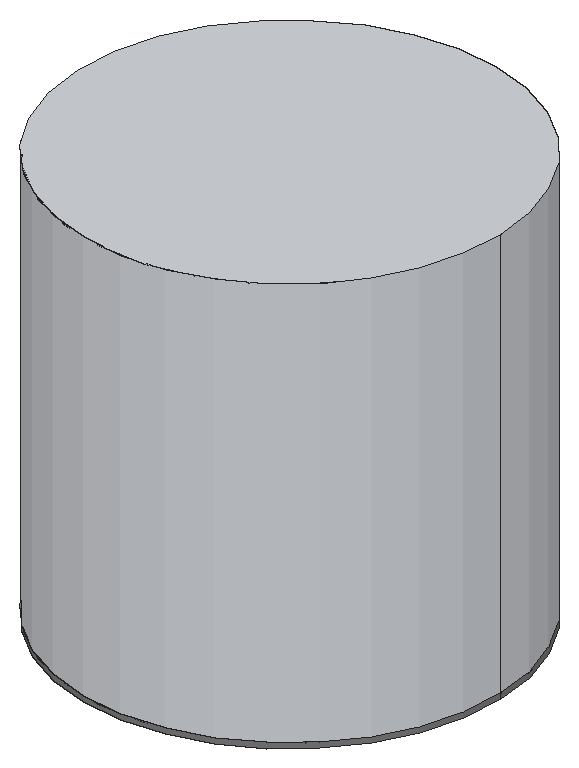
Revit family "Recessed Downlight Face Based", category Lighting Fixtures, Revit 2019 (continued)
Types (12, lengths in mm): name | Wattage | Type Comments | built-in parameter 1114217 | Photometric Web File | PRL_LTGSchedule_Output | PRL_LTGSchedule_Manufacturer | PRL_LTGSchedule_Lifetime | PRL_LTGSchedule_Installation | PRL_LTGSchedule_Description | PRL_LTGSchedule_Control | PRL_LTGSchedule_CatNo | PRL_LTGSchedule_CCT | PRL_LTGSchedule_Accessories | built-in parameter 1150142 | Manufacturer | Lumens | built-in parameter 1150105 | built-in parameter 1150106 | Description
  D12.2 ERCO Compact Lens 42W Gib | 14.1374 W | "D12.2" | 0.8 (stored number, unit not read) | "erco-31949-000-en-ies-01.ies" | "" | "" | "" | "" | "" | "" | "" | "" | "" | "﻿IESNA:LM-63-2002\r\n[TEST] 7824_0.ldt\r\n[TESTLAB] \r\n[TESTDATE] 17.03.2020\r\n[ISSUEDATE] 17.03.2020\r\n[MANUFAC] ERCO GmbH\r\n[LUMCAT] 31949000_V05\r\n[LUMINAIRE] Compact Lens wallwasher\r\n[LAMP] LED 24W neutral white\r\nTILT=NONE\r\n1 -1 1.000 37 73 1 2 -0.135 -0.135 0\n1.00 1 29.00\r\n0 2.5 5 7.5 10 12.5 15 17.5 20 22.5 25 27.5 30 32.5 35 37.5 40 42.5 45 47.5 50 52.5 55 57.5 60 62.5 65 67.5 70 72.5 75 77.5 80 82.5 85 87.5 90\r\n0 2.5 5 7.5 10 12.5 15 17.5 20 22.5 25 27.5 30 32.5 35 37.5 40 42.5 45 47.5 50 52.5 55 57.5 60 62.5 65 67.5 70 72.5 75 77.5 80 82.5 85 87.5 90 92.5 95 97.5 100 102.5 105 107.5 110 112.5 115 117.5 120 122.5 125 127.5 130 132.5 135 137.5 140 142.5 145 147.5 150 152.5 155 157.5 160 162.5 165 167.5 170 172.5 175 177.5 180\r\n794.0 1023.0 1248.8 1418.7 1561.6 1678.9 1766.2 1826.2 1860.4 1872.3 1865.2 1840.7 1787.4 1710.0 1607.8 1482.8 1344.0 1192.4 1031.0 878.9 748.7 644.6 564.7 503.8 458.4 423.5 395.3 375.8 346.7 327.2 324.6 318.5 302.1 265.7 200.4 57.2 0.1\r\n794.0 1022.9 1248.4 1418.1 1560.8 1678.5 1765.9 1825.9 1860.0 1871.5 1864.6 1840.2 1787.1 1709.2 1606.8 1481.7 1342.7 1190.0 1028.9 877.8 748.0 644.2 564.2 503.3 457.9 422.8 394.7 375.0 346.1 326.7 324.1 317.9 301.6 265.4 200.0 57.0 0.1\r\n794.0 1022.3 1247.5 1416.9 1559.6 1676.6 1764.7 1824.5 1858.6 1870.7 1862.8 1838.8 1786.7 1708.3 1604.4 1478.8 1338.0 1184.5 1024.2 875.0 746.4 643.2 563.2 502.1 456.5 421.1 393.0 372.9 344.4 324.9 322.4 316.4 300.2 264.2 198.8 56.8 0.1\r\n794.0 1021.2 1245.2 1414.7 1556.9 1673.9 1761.8 1821.8 1856.2 1868.3 1860.7 1837.3 1785.3 1706.1 1601.5 1473.9 1331.5 1176.5 1017.7 871.0 744.1 641.6 561.6 500.2 454.2 418.2 390.1 369.4 341.5 321.9 319.5 313.7 297.6 262.1 196.8 56.5 0.1\r\n794.0 1019.7 1242.8 1411.4 1553.5 1670.1 1757.9 1818.0 1853.4 1865.0 1858.2 1835.0 1782.6 1703.7 1597.7 1468.5 1324.6 1168.2 1010.0 866.5 741.6 639.7 559.6 497.6 451.1 414.3 386.1 364.6 337.3 317.5 315.2 309.7 293.9 258.8 193.6 55.6 0.1\r\n794.0 1018.0 1239.7 1407.6 1548.7 1665.4 1752.8 1813.8 1848.8 1861.2 1853.9 1830.9 1778.7 1700.1 1593.1 1462.4 1317.3 1160.2 1004.0 862.4 739.1 637.8 557.4 494.8 447.4 409.6 381.1 358.8 331.7 312.1 309.8 304.6 289.1 254.7 189.6 54.6 0.1\r\n794.0 1015.9 1236.3 1402.4 1542.9 1659.0 1746.7 1807.9 1843.2 1855.7 1848.4 1825.7 1774.1 1695.6 1587.6 1456.4 1310.7 1153.3 998.1 858.6 736.9 636.0 555.3 491.8 443.3 404.2 375.3 351.7 325.0 305.3 303.1 298.2 283.1 249.4 184.5 53.0 0.1\r\n794.0 1013.4 1231.1 1396.3 1536.0 1651.6 1739.2 1800.6 1836.3 1848.9 1841.8 1818.3 1767.2 1689.4 1581.7 1450.4 1303.8 1147.8 993.9 856.0 735.4 634.7 553.5 489.0 438.7 398.4 368.6 343.5 317.2 297.6 295.1 290.6 276.1 243.2 178.3 50.9 0.1\r\n794.0 1010.5 1225.6 1389.8 1527.7 1642.6 1730.3 1791.9 1827.5 1841.2 1833.2 1809.2 1759.9 1682.3 1575.6 1444.6 1299.3 1143.9 991.3 854.8 734.9 634.4 552.5 486.5 434.1 392.4 361.6 334.8 308.6 288.9 286.3 282.2 268.1 236.1 171.5 48.5 0.1\r\n794.0 1007.1 1219.1 1381.1 1518.5 1632.1 1720.0 1781.7 1818.2 1831.0 1823.3 1797.7 1750.1 1673.3 1568.1 1438.5 1294.9 1141.2 990.0 855.2 735.9 635.0 552.0 484.2 429.3 386.3 353.9 325.3 299.0 279.4 276.2 272.2 259.0 227.8 163.5 45.8 0.1\r\n794.0 1002.9 1211.7 1371.3 1506.7 1619.5 1707.3 1769.3 1806.4 1819.4 1812.2 1785.0 1738.6 1663.1 1559.8 1432.5 1291.6 1140.5 991.4 857.7 738.5 636.9 552.6 482.2 424.9 380.2 345.9 315.2 288.5 268.7 264.9 261.3 248.6 218.3 154.5 42.8 0.1\r\n794.0 998.3 1202.9 1361.2 1494.9 1606.3 1692.9 1755.9 1793.2 1806.7 1799.1 1771.3 1725.9 1652.0 1551.4 1426.5 1289.1 1141.2 995.8 862.6 743.1 640.4 554.1 481.0 421.2 374.6 337.8 305.1 277.7 257.5 252.9 249.2 237.3 207.7 144.6 39.4 0.1\r\n794.0 993.2 1193.5 1348.7 1481.1 1591.6 1677.0 1740.5 1778.7 1792.6 1785.1 1757.0 1711.7 1640.3 1542.7 1421.2 1287.8 1144.9 1002.5 870.2 750.1 645.6 556.7 480.5 418.3 369.2 329.5 294.5 266.1 245.2 239.6 235.7 224.4 195.5 133.9 36.0 0.1\r\n794.0 987.8 1183.4 1335.6 1465.6 1575.3 1660.4 1723.4 1762.0 1777.2 1770.0 1741.6 1695.9 1627.8 1534.1 1417.2 1288.7 1150.8 1011.4 880.4 759.1 652.5 560.5 481.2 416.4 364.4 321.4 284.0 254.1 232.2 225.2 221.1 210.3 182.0 122.1 32.4 0.1\r\n794.0 982.1 1172.0 1322.0 1449.7 1557.4 1642.0 1705.2 1744.7 1760.8 1754.3 1726.4 1680.5 1615.9 1526.2 1414.7 1291.5 1158.1 1022.3 892.4 769.5 660.3 565.0 483.0 415.7 360.4 313.7 273.9 242.2 219.1 210.4 205.7 195.5 167.7 110.3 28.8 0.1\r\n794.0 975.8 1161.2 1307.5 1432.9 1538.6 1622.7 1685.6 1726.3 1742.6 1737.8 1711.2 1664.9 1604.2 1519.4 1414.3 1295.6 1167.4 1035.4 906.3 782.0 669.6 571.3 486.6 416.2 357.3 306.6 263.9 230.0 205.2 195.0 189.3 179.2 152.2 97.9 25.4 0.1\r\n794.0 969.4 1149.4 1292.0 1414.7 1518.9 1601.5 1664.6 1705.9 1724.6 1720.0 1695.8 1650.7 1592.0 1512.4 1412.9 1300.0 1176.4 1047.4 920.4 795.0 680.1 579.0 491.5 418.0 355.1 300.2 254.5 218.2 191.3 178.9 172.3 162.5 136.3 84.9 22.0 0.1\r\n794.0 963.0 1136.7 1276.3 1396.5 1498.3 1579.7 1642.6 1684.6 1704.4 1702.8 1679.4 1637.5 1579.2 1505.1 1411.5 1304.4 1185.0 1059.2 933.2 807.7 691.3 587.9 497.7 421.3 354.2 295.0 245.9 207.0 177.9 163.3 155.4 145.4 120.2 73.5 18.8 0.1\r\n794.0 956.7 1124.1 1259.5 1376.7 1476.5 1556.7 1618.7 1661.5 1683.1 1683.7 1662.6 1623.2 1567.1 1497.3 1408.8 1306.9 1191.9 1069.0 945.0 820.0 703.1 597.6 505.4 425.6 354.1 290.7 238.0 196.1 164.5 147.7 140.5 128.0 102.9 62.4 15.9 0.1\r\n794.0 950.2 1111.3 1241.9 1356.6 1453.5 1532.0 1593.4 1636.8 1659.7 1661.9 1643.9 1608.2 1554.4 1486.3 1403.8 1306.4 1196.1 1075.9 954.5 831.1 714.2 608.0 513.5 430.3 354.7 287.3 230.9 185.9 151.8 132.4 121.8 109.8 87.7 52.0 13.2 0.1\r\n794.0 943.8 1097.7 1223.4 1334.3 1429.3 1505.5 1566.4 1610.2 1634.2 1639.4 1623.7 1590.3 1540.1 1473.1 1395.0 1302.8 1196.9 1080.6 961.2 840.0 724.1 617.6 521.6 435.3 355.5 284.3 224.6 176.4 139.6 118.2 106.1 94.2 73.7 42.8 10.8 0.1\r\n794.0 937.1 1084.1 1203.9 1311.5 1402.8 1477.0 1536.9 1580.0 1605.2 1613.2 1600.6 1569.9 1522.8 1458.5 1381.3 1294.1 1193.3 1081.7 965.1 846.5 732.1 626.1 528.9 439.5 356.1 281.6 218.7 167.5 128.2 104.5 90.8 79.3 60.5 34.5 8.7 0.1\r\n794.0 929.9 1069.0 1183.5 1285.8 1374.0 1445.3 1503.8 1547.4 1574.6 1583.3 1574.0 1547.1 1501.6 1440.4 1365.5 1281.9 1184.9 1077.7 965.9 849.6 737.3 632.4 534.7 442.9 355.8 278.3 213.0 159.3 117.6 91.2 77.5 65.9 48.9 27.8 6.9 0.1\r\n794.0 922.4 1052.6 1161.3 1258.7 1343.6 1413.1 1468.5 1512.0 1538.8 1550.5 1543.7 1518.6 1477.4 1419.1 1346.3 1263.0 1171.1 1069.1 961.7 848.9 738.5 635.4 537.7 443.6 353.7 274.4 207.2 150.5 107.1 80.2 66.0 54.2 39.0 21.8 5.4 0.1\r\n794.0 914.2 1035.5 1137.7 1230.1 1311.3 1377.7 1431.4 1472.1 1499.5 1512.7 1508.0 1486.7 1447.9 1393.3 1323.2 1242.5 1152.3 1054.6 952.0 844.1 736.5 635.2 537.5 442.1 350.5 269.4 200.8 143.7 97.9 70.2 55.7 44.2 30.9 16.8 4.2 0.1\r\n794.0 905.4 1017.5 1112.6 1199.2 1275.9 1338.0 1390.1 1430.2 1457.7 1470.8 1468.1 1450.0 1414.4 1361.7 1295.4 1218.4 1129.8 1034.4 937.3 833.6 730.8 631.4 534.4 438.0 345.1 263.1 193.9 135.9 89.5 61.0 46.6 35.7 24.1 12.8 3.2 0.1\r\n794.0 895.9 998.7 1086.2 1166.7 1237.7 1296.8 1346.5 1384.2 1411.2 1425.2 1424.0 1407.1 1374.9 1326.1 1263.1 1188.4 1104.2 1011.2 916.4 817.8 718.9 624.1 527.6 430.3 337.3 255.6 186.1 127.8 81.3 53.0 38.9 28.6 18.9 9.7 2.5 0.1\r\n794.0 885.9 978.9 1058.3 1132.6 1199.2 1254.7 1300.0 1336.2 1361.3 1375.0 1375.6 1361.7 1330.8 1286.3 1226.2 1155.9 1074.5 984.9 892.7 796.9 703.0 611.5 517.4 420.8 328.3 247.0 177.8 119.2 73.7 45.7 32.3 23.1 14.6 7.3 1.9 0.1\r\n794.0 875.4 958.1 1029.5 1096.7 1156.9 1208.2 1250.1 1283.5 1307.8 1320.9 1320.9 1309.1 1282.2 1238.1 1183.8 1115.5 1039.2 953.9 865.1 772.5 681.0 593.0 501.7 408.3 317.0 236.9 168.7 110.8 66.0 38.9 26.4 18.5 11.1 5.4 1.5 0.1\r\n794.0 864.8 937.6 1000.5 1059.1 1113.6 1159.2 1198.3 1228.4 1250.2 1262.8 1263.3 1250.9 1226.0 1187.1 1134.5 1070.9 999.1 918.1 833.5 745.0 656.8 571.0 482.3 391.4 304.1 226.2 159.0 102.4 58.7 32.8 21.9 14.4 8.3 4.0 1.2 0.2\r\n794.0 854.2 917.1 971.2 1022.2 1069.3 1110.3 1143.4 1169.8 1189.6 1200.8 1201.0 1189.6 1166.0 1129.9 1080.8 1021.5 954.1 878.0 798.3 713.8 629.9 547.2 460.1 371.9 288.4 214.3 149.6 94.0 51.9 27.7 17.4 11.1 6.2 3.0 1.0 0.2\r\n794.0 843.6 895.2 940.7 983.9 1022.8 1057.1 1084.9 1106.1 1122.5 1132.1 1130.9 1119.1 1097.0 1064.5 1019.1 965.5 902.5 830.8 756.7 678.0 599.0 519.5 436.1 350.9 270.4 199.7 138.3 85.8 45.3 22.7 13.5 8.3 4.5 2.2 0.8 0.2\r\n794.0 832.9 874.1 910.0 943.0 974.7 1001.1 1022.7 1039.6 1052.4 1060.0 1055.9 1044.9 1023.8 993.5 951.9 902.1 845.3 779.8 710.9 637.4 563.9 489.4 409.8 328.9 253.0 185.1 126.4 76.7 39.2 18.1 10.0 6.0 3.3 1.7 0.8 0.3\r\n794.0 822.4 852.8 879.2 903.6 926.3 944.8 959.7 970.4 978.9 980.9 975.7 964.3 944.5 916.1 878.4 833.8 781.4 722.1 660.0 592.9 525.5 455.5 381.7 305.8 234.4 171.0 115.3 68.3 33.2 14.0 7.1 4.0 2.2 1.3 0.7 0.3\r\n794.0 811.5 830.7 846.9 862.1 875.4 884.9 892.3 897.1 898.9 895.6 887.1 874.9 855.0 827.5 794.3 754.3 708.6 654.0 599.9 541.2 479.7 416.1 348.8 279.8 214.4 155.4 103.8 60.3 27.8 10.3 4.6 2.5 1.3 0.9 0.6 0.4\r\n794.0 800.9 808.3 814.9 819.7 824.0 824.4 823.3 820.3 816.1 806.6 794.6 779.8 758.3 731.6 701.2 665.1 625.1 578.0 530.7 479.5 426.7 370.9 311.8 250.1 191.8 138.6 91.7 52.5 23.3 7.6 3.0 1.6 0.9 0.7 0.6 0.4\r\n794.0 790.8 786.9 783.6 778.7 772.9 764.5 754.5 743.8 731.9 715.9 697.8 679.0 657.2 629.7 600.7 567.4 532.4 491.9 451.7 409.0 364.8 317.4 268.0 214.7 164.3 118.9 77.2 43.8 18.6 5.5 2.1 1.2 0.8 0.6 0.6 0.4\r\n794.0 780.3 765.2 751.8 737.0 721.2 703.2 685.8 666.0 647.6 623.7 600.7 579.0 552.4 523.3 494.3 463.9 432.3 396.3 362.9 327.2 290.7 252.5 211.8 169.4 128.0 89.2 58.0 31.9 13.2 3.4 1.6 1.0 0.7 0.7 0.6 0.5\r\n794.0 769.9 743.8 720.7 695.7 670.5 644.2 635.7 590.8 564.9 535.7 507.4 480.6 451.7 421.6 392.6 361.9 332.4 301.7 272.6 243.5 213.3 182.2 149.7 113.6 84.3 57.3 35.3 19.5 7.3 2.2 1.2 0.9 0.7 0.7 0.6 0.5\r\n794.0 760.0 723.6 690.7 656.5 622.5 587.9 554.0 519.2 487.1 454.3 421.3 390.6 360.0 329.0 299.7 272.2 245.3 218.0 192.8 167.0 142.8 117.8 90.5 68.5 48.0 30.7 18.8 9.7 3.8 1.6 1.0 0.8 0.7 0.7 0.6 0.6\r\n794.0 750.2 703.1 660.9 618.3 575.1 532.9 491.6 452.0 414.9 376.8 341.2 310.1 277.7 247.7 219.9 195.1 170.2 147.3 125.3 103.8 84.7 65.8 49.7 36.3 24.7 15.0 8.4 4.5 2.2 1.3 0.9 0.8 0.7 0.7 0.7 0.6\r\n794.0 741.1 683.5 632.2 580.5 529.5 480.6 433.7 388.6 347.8 308.2 271.7 239.7 210.1 180.5 156.8 134.2 112.1 91.6 76.1 63.3 49.9 36.9 27.4 20.9 13.7 7.7 4.2 2.6 1.6 1.1 0.9 0.8 0.8 0.7 0.7 0.7\r\n794.0 732.4 664.9 605.1 545.5 486.8 432.2 380.7 332.3 289.6 249.4 213.9 183.7 155.5 130.1 109.5 90.5 74.8 60.1 49.4 40.2 31.3 23.9 17.6 12.4 7.8 4.5 2.9 1.9 1.3 1.0 0.9 0.8 0.8 0.8 0.7 0.7\r\n794.0 724.0 646.4 577.7 510.3 445.5 385.6 330.3 280.8 237.5 198.2 165.1 137.3 112.3 90.8 75.4 63.2 51.7 41.5 35.8 27.6 21.8 16.2 11.5 7.9 5.2 3.4 2.3 1.6 1.2 1.0 0.9 0.8 0.8 0.8 0.8 0.8\r\n794.0 715.8 628.5 551.6 476.5 406.5 342.4 285.3 235.7 194.1 156.9 127.2 103.7 84.2 67.6 56.0 47.0 38.7 31.3 26.0 21.3 16.3 11.6 8.1 5.8 4.0 2.7 1.9 1.4 1.1 1.0 0.9 0.8 0.8 0.8 0.8 0.8\r\n794.0 707.9 610.8 526.5 444.8 369.6 303.4 245.6 197.4 158.4 125.2 99.5 81.1 65.8 53.3 44.4 37.4 31.0 25.6 21.0 16.7 12.6 9.0 6.5 4.7 3.3 2.2 1.6 1.2 1.1 1.0 0.9 0.8 0.8 0.8 0.9 0.8\r\n794.0 699.7 593.0 501.0 413.8 334.6 266.8 210.0 164.7 128.9 99.1 79.4 65.2 53.4 43.9 36.8 31.0 25.9 21.3 17.2 13.6 10.2 7.5 5.4 3.8 2.6 1.8 1.4 1.2 1.1 0.9 0.9 0.9 0.8 0.9 0.9 0.9\r\n794.0 691.1 574.8 476.0 383.5 302.2 234.1 179.7 137.9 105.7 81.8 65.8 54.8 45.4 37.6 31.7 26.7 22.5 18.1 14.4 11.2 8.5 6.2 4.4 3.1 2.1 1.5 1.3 1.2 1.0 0.9 0.9 0.9 0.9 0.9 0.9 0.9\r\n794.0 682.3 557.3 452.5 356.0 272.6 205.9 154.5 115.8 89.0 69.7 56.7 47.5 39.7 33.2 28.0 23.7 19.6 15.6 12.3 9.6 7.2 5.2 3.6 2.5 1.8 1.4 1.3 1.1 1.0 0.9 0.9 0.9 0.9 0.9 1.0 1.0\r\n794.0 673.4 540.0 429.2 329.3 245.4 181.0 133.2 99.2 76.7 60.7 49.9 42.2 35.4 29.7 25.2 21.0 17.1 13.4 10.6 8.1 6.0 4.3 3.0 2.1 1.6 1.4 1.2 1.1 1.0 0.9 0.9 0.9 0.9 0.9 1.0 1.0\r\n794.0 664.1 523.1 407.0 304.5 221.4 159.6 115.9 86.5 67.4 54.0 44.9 38.2 32.1 27.0 22.7 18.7 14.9 11.7 9.1 6.9 5.1 3.6 2.5 1.9 1.5 1.3 1.2 1.1 1.0 0.9 0.9 0.9 0.9 1.0 1.0 1.0\r\n794.0 655.4 507.3 386.6 282.2 200.5 142.1 102.4 76.8 60.6 49.1 41.1 35.0 29.5 24.8 20.6 16.7 13.2 10.3 7.9 5.9 4.3 3.0 2.1 1.7 1.5 1.3 1.2 1.1 1.0 1.0 0.9 1.0 1.0 1.0 1.0 1.1\r\n794.0 646.5 491.5 367.1 261.7 181.5 127.0 90.7 69.0 55.1 45.2 38.0 32.3 27.3 22.8 18.6 14.9 11.7 9.0 6.8 5.1 3.6 2.6 1.9 1.7 1.4 1.3 1.2 1.1 1.0 1.0 1.0 1.0 1.0 1.0 1.1 1.1\r\n794.0 638.4 476.6 348.6 243.1 165.1 114.3 81.9 63.1 50.9 42.0 35.4 30.1 25.3 20.8 16.8 13.3 10.4 7.9 5.9 4.4 3.1 2.3 1.9 1.6 1.4 1.2 1.1 1.1 1.0 1.0 1.0 1.0 1.0 1.1 1.1 1.1\r\n794.0 630.7 463.3 332.2 226.5 151.3 104.1 75.2 58.4 47.5 39.5 33.3 28.2 23.6 19.2 15.3 12.1 9.3 7.0 5.2 3.8 2.8 2.1 1.8 1.6 1.4 1.2 1.1 1.1 1.0 1.0 1.0 1.0 1.0 1.1 1.1 1.2\r\n794.0 623.7 450.3 316.5 211.2 139.0 94.6 69.5 54.6 44.7 37.3 31.5 26.6 22.0 17.6 13.9 10.9 8.3 6.2 4.6 3.4 2.5 2.0 1.8 1.5 1.3 1.2 1.1 1.1 1.0 1.0 1.0 1.0 1.1 1.1 1.2 1.2\r\n794.0 617.3 438.5 302.2 197.9 128.4 87.6 65.0 51.5 42.4 35.4 29.9 25.1 20.5 16.2 12.8 9.9 7.5 5.6 4.1 3.0 2.3 2.0 1.7 1.5 1.3 1.2 1.1 1.1 1.0 1.0 1.0 1.1 1.1 1.1 1.2 1.2\r\n794.0 611.6 427.8 289.4 186.1 119.7 82.0 61.3 48.9 40.4 33.8 28.5 23.8 19.1 15.0 11.8 9.1 6.8 5.0 3.7 2.8 2.2 1.9 1.7 1.5 1.3 1.2 1.1 1.1 1.0 1.0 1.1 1.1 1.1 1.2 1.2 1.3\r\n794.0 606.4 417.2 277.5 175.4 111.9 77.2 58.3 46.7 38.8 32.4 27.2 22.5 17.9 14.0 10.9 8.3 6.2 4.6 3.4 2.6 2.1 1.9 1.6 1.4 1.3 1.2 1.1 1.1 1.1 1.1 1.1 1.1 1.2 1.2 1.3 1.3\r\n794.0 601.4 407.9 266.5 165.9 104.8 73.1 55.7 44.9 37.3 31.2 26.0 21.2 16.8 13.1 10.1 7.6 5.7 4.2 3.1 2.4 2.1 1.8 1.6 1.4 1.3 1.2 1.1 1.1 1.1 1.1 1.1 1.1 1.2 1.2 1.3 1.3\r\n794.0 596.7 399.0 257.0 157.9 99.4 69.8 53.6 43.3 36.0 30.1 25.0 20.2 15.9 12.3 9.4 7.1 5.3 3.9 2.9 2.3 2.0 1.8 1.6 1.4 1.3 1.2 1.1 1.1 1.1 1.1 1.1 1.2 1.2 1.3 1.3 1.4\r\n794.0 592.3 391.2 248.1 150.5 94.6 67.0 51.8 42.0 34.9 29.1 24.0 19.2 15.0 11.6 8.8 6.6 4.9 3.6 2.7 2.3 2.0 1.7 1.5 1.4 1.2 1.2 1.1 1.1 1.1 1.1 1.1 1.2 1.2 1.3 1.4 1.4\r\n794.0 588.3 383.6 239.9 144.0 90.5 64.6 50.1 40.8 33.9 28.2 23.1 18.3 14.3 10.9 8.2 6.2 4.6 3.4 2.6 2.2 2.0 1.7 1.5 1.4 1.2 1.2 1.1 1.1 1.1 1.1 1.2 1.2 1.3 1.3 1.4 1.4\r\n794.0 584.5 376.7 232.8 138.6 87.3 62.6 48.8 39.8 33.1 27.4 22.3 17.6 13.6 10.4 7.8 5.8 4.3 3.2 2.5 2.2 1.9 1.7 1.5 1.3 1.2 1.2 1.1 1.1 1.1 1.2 1.2 1.3 1.3 1.4 1.4 1.4\r\n794.0 580.9 370.9 226.5 133.8 84.3 60.9 47.7 38.9 32.3 26.7 21.6 16.9 13.1 9.9 7.4 5.6 4.1 3.1 2.5 2.1 1.9 1.6 1.5 1.3 1.2 1.2 1.2 1.1 1.2 1.2 1.2 1.3 1.3 1.4 1.4 1.5\r\n794.0 577.6 365.4 220.9 129.8 81.9 59.4 46.7 38.1 31.7 26.2 20.9 16.3 12.6 9.5 7.1 5.3 3.9 3.0 2.4 2.1 1.9 1.6 1.4 1.3 1.2 1.2 1.1 1.1 1.2 1.2 1.2 1.3 1.3 1.4 1.5 1.5\r\n794.0 574.8 360.8 216.4 126.4 80.0 58.3 45.9 37.5 31.2 25.6 20.4 15.9 12.2 9.1 6.8 5.1 3.8 2.9 2.4 2.1 1.8 1.6 1.4 1.3 1.2 1.2 1.1 1.2 1.2 1.2 1.2 1.3 1.4 1.4 1.5 1.5\r\n794.0 572.3 356.8 212.4 123.6 78.4 57.4 45.3 37.0 30.7 25.1 19.9 15.5 11.8 8.9 6.6 5.0 3.7 2.8 2.4 2.1 1.8 1.6 1.4 1.3 1.2 1.2 1.2 1.2 1.2 1.2 1.3 1.3 1.4 1.4 1.5 1.5\r\n794.0 570.3 353.6 209.2 121.3 77.2 56.6 44.7 36.6 30.3 24.7 19.5 15.1 11.6 8.6 6.5 4.8 3.6 2.8 2.3 2.1 1.8 1.6 1.4 1.3 1.2 1.2 1.2 1.2 1.2 1.2 1.3 1.3 1.4 1.5 1.5 1.5\r\n794.0 568.8 351.3 206.8 119.6 76.2 56.1 44.3 36.3 30.1 24.4 19.3 14.9 11.4 8.5 6.3 4.7 3.5 2.7 2.3 2.0 1.8 1.6 1.4 1.3 1.2 1.2 1.2 1.2 1.2 1.2 1.3 1.4 1.4 1.5 1.5 1.6\r\n794.0 567.7 349.2 205.1 118.4 75.6 55.6 44.1 36.0 29.8 24.2 19.1 14.7 11.2 8.4 6.2 4.7 3.5 2.7 2.3 2.0 1.8 1.6 1.4 1.3 1.2 1.2 1.2 1.2 1.2 1.2 1.3 1.4 1.4 1.5 1.5 1.6\r\n794.0 566.9 348.2 204.1 117.8 75.1 55.4 43.9 35.9 29.7 24.1 18.9 14.6 11.1 8.3 6.2 4.6 3.5 2.7 2.3 2.0 1.8 1.6 1.4 1.3 1.2 1.2 1.2 1.2 1.2 1.3 1.3 1.4 1.4 1.5 1.5 1.6\r\n794.0 566.7 348.5 203.7 117.5 75.0 55.4 43.8 35.9 29.6 24.1 18.9 14.6 11.1 8.3 6.2 4.6 3.5 2.7 2.3 2.0 1.8 1.5 1.4 1.3 1.2 1.2 1.2 1.2 1.2 1.3 1.3 1.4 1.4 1.5 1.6 1.6\r\n" | "" | 
    2100 lm | 167.11 (stored number, unit not read) | 1.6711 (stored number, unit not read) | ""
  D12.1 ERCO Compact Lens Wallwasher 43W T-Rail | 8.65749 W | "D12.1" | 0.95 (stored number, unit not read) | "DOT9738C-30-A930.IES" | "" | "" | "" | "" | "" | "" | "" | "" | "" | "IESNA:LM-63-2002\r\n[TEST] Test report No. LL17053\r\n[TESTLAB] LightLab International \r\n[ISSUEDATE] Monday, 21 October 2013 1:37:49 PM\r\n[MANUFAC] Nimbus Lighting Group Ltd.,\r\n[MORE] Auckland. 1061. New Zealand.\r\n[LUMCAT] DOT9738C/30/A930.\r\n[LUMINAIRE] Nimbus Lighting LED Downlight. \r\n[MORE] Aluminium radially finned heat sink, 137 mm dia. x 80 mm deep, black finish.\r\n[MORE] White fascia with twist-lock ceiling plate, connected to heat sink by two black plastic arms.\r\n[MORE] One “CREE CXA” LED 92 mm above L/O of 120 mm. Wide-beam multi-faceted textured reflector.\r\n[MORE] One Remote Tridonic LCI 20W 350mA TEC SR LED driver 220-240 V 50/60 Hz.\r\n[MORE] Tested at 240 V / 50 Hz.\r\n[OTHER] Absolute test - lamp lumens value set to -1\r\n[MORE] NA conventions used for C0 plane alignment and C-plane rotation direction.\r\n[MORE] The sample was tested at a distance of 8m.\r\n[MORE] This IES file created by LightLab/LSA Report program version 3.803a.\r\nTILT=NONE\r\n1 -1 1 91 1 1 2 -0.12 -0.12 0\r\n1 1 13.583\r\n0 1 2 3 4 5 6 7 8 9 10 11 12 13 14 15 16 17 18 19 20 21 22 23 24 25 26 27 28 29 30 31 32 33 34 35 36 37 38 39 40 41 42 43 44 45 46 47 48 49 50 51 52 53 54 55 56 57 58 59 60 61 62 63 64 65 66 67 68 69 70 71 72 73 74 75 76 77 78 79 80 81 82 83 84 85 86 87 \r\n88 89 90\r\n0\r\n739.50 738.70 736.06 731.60 726.24 719.96 712.76 705.71 699.03 692.71 687.07 682.46 678.74 676.13 674.46 673.15 672.47 672.03 671.54 670.36 669.31 669.87 671.53 673.94 676.34 678.93 681.58 683.95 684.60 677.56 652.42 610.91 567.60 514.93 469.64 420.97 \r\n374.03 339.48 321.17 313.96 305.73 288.72 272.91 260.34 246.91 233.20 218.55 202.73 186.27 170.43 153.95 139.68 122.85 107.42 90.21 71.68 55.81 41.44 31.18 24.13 18.46 15.01 12.45 10.72 9.31 8.30 7.42 6.85 6.22 5.81 5.44 5.18 4.89 4.70 4.51 4.26 3.99 3.99\r\n 3.85 3.74 3.74 3.58 3.57 3.44 3.22 3.03 2.67 2.47 1.93 0.66 0.00\r\n" | "" | 1286 lm | 102.34 (stored number, unit not read) | 1.0234 (stored number, unit not read) | ""
  D9.3 ERCO Compact Downlight 16W Soffit | 8.65749 W | "D9.3" | 0.95 (stored number, unit not read) | "DOT9738C-30-A930.IES" | "" | "" | "" | "" | "" | "" | "" | "" | "" | "IESNA:LM-63-2002\r\n[TEST] Test report No. LL17053\r\n[TESTLAB] LightLab International \r\n[ISSUEDATE] Monday, 21 October 2013 1:37:49 PM\r\n[MANUFAC] Nimbus Lighting Group Ltd.,\r\n[MORE] Auckland. 1061. New Zealand.\r\n[LUMCAT] DOT9738C/30/A930.\r\n[LUMINAIRE] Nimbus Lighting LED Downlight. \r\n[MORE] Aluminium radially finned heat sink, 137 mm dia. x 80 mm deep, black finish.\r\n[MORE] White fascia with twist-lock ceiling plate, connected to heat sink by two black plastic arms.\r\n[MORE] One “CREE CXA” LED 92 mm above L/O of 120 mm. Wide-beam multi-faceted textured reflector.\r\n[MORE] One Remote Tridonic LCI 20W 350mA TEC SR LED driver 220-240 V 50/60 Hz.\r\n[MORE] Tested at 240 V / 50 Hz.\r\n[OTHER] Absolute test - lamp lumens value set to -1\r\n[MORE] NA conventions used for C0 plane alignment and C-plane rotation direction.\r\n[MORE] The sample was tested at a distance of 8m.\r\n[MORE] This IES file created by LightLab/LSA Report program version 3.803a.\r\nTILT=NONE\r\n1 -1 1 91 1 1 2 -0.12 -0.12 0\r\n1 1 13.583\r\n0 1 2 3 4 5 6 7 8 9 10 11 12 13 14 15 16 17 18 19 20 21 22 23 24 25 26 27 28 29 30 31 32 33 34 35 36 37 38 39 40 41 42 43 44 45 46 47 48 49 50 51 52 53 54 55 56 57 58 59 60 61 62 63 64 65 66 67 68 69 70 71 72 73 74 75 76 77 78 79 80 81 82 83 84 85 86 87 \r\n88 89 90\r\n0\r\n739.50 738.70 736.06 731.60 726.24 719.96 712.76 705.71 699.03 692.71 687.07 682.46 678.74 676.13 674.46 673.15 672.47 672.03 671.54 670.36 669.31 669.87 671.53 673.94 676.34 678.93 681.58 683.95 684.60 677.56 652.42 610.91 567.60 514.93 469.64 420.97 \r\n374.03 339.48 321.17 313.96 305.73 288.72 272.91 260.34 246.91 233.20 218.55 202.73 186.27 170.43 153.95 139.68 122.85 107.42 90.21 71.68 55.81 41.44 31.18 24.13 18.46 15.01 12.45 10.72 9.31 8.30 7.42 6.85 6.22 5.81 5.44 5.18 4.89 4.70 4.51 4.26 3.99 3.99\r\n 3.85 3.74 3.74 3.58 3.57 3.44 3.22 3.03 2.67 2.47 1.93 0.66 0.00\r\n" | "" | 1286 lm | 102.34 (stored number, unit not read) | 1.0234 (stored number, unit not read) | ""
  D4.2 Panos Infinity 32W Gib IP54 | 8.65749 W | "D4.2" | 0.95 (stored number, unit not read) | "DOT9738C-30-A930.IES" | "15W LED\r\n1882 lm" | "Zumtobel" | "50,000 Hrs\r\nL95" | "Recessed in Plaster/Gib Ceiling" | "Recessed 100mm deep down-light with trim & smooth optic.\r\nColour = White." | "Casambi Enabled DALI Dimmable Control Gear (Tridonic BasicDIM Wireless Or Casambi CBU-ASD Module)" | "Panos Infinity\r\nE200 LG" | "4000K\r\nCRI=90+" | "IP54 transparent attachment" | "IESNA:LM-63-2002\r\n[TEST] Test report No. LL17053\r\n[TESTLAB] LightLab International \r\n[ISSUEDATE] Monday, 21 October 2013 1:37:49 PM\r\n[MANUFAC] Nimbus Lighting Group Ltd.,\r\n[MORE] Auckland. 1061. New Zealand.\r\n[LUMCAT] DOT9738C/30/A930.\r\n[LUMINAIRE] Nimbus Lighting LED Downlight. \r\n[MORE] Aluminium radially finned heat sink, 137 mm dia. x 80 mm deep, black finish.\r\n[MORE] White fascia with twist-lock ceiling plate, connected to heat sink by two black plastic arms.\r\n[MORE] One “CREE CXA” LED 92 mm above L/O of 120 mm. Wide-beam multi-faceted textured reflector.\r\n[MORE] One Remote Tridonic LCI 20W 350mA TEC SR LED driver 220-240 V 50/60 Hz.\r\n[MORE] Tested at 240 V / 50 Hz.\r\n[OTHER] Absolute test - lamp lumens value set to -1\r\n[MORE] NA conventions used for C0 plane alignment and C-plane rotation direction.\r\n[MORE] The sample was tested at a distance of 8m.\r\n[MORE] This IES file created by LightLab/LSA Report program version 3.803a.\r\nTILT=NONE\r\n1 -1 1 91 1 1 2 -0.12 -0.12 0\r\n1 1 13.583\r\n0 1 2 3 4 5 6 7 8 9 10 11 12 13 14 15 16 17 18 19 20 21 22 23 24 25 26 27 28 29 30 31 32 33 34 35 36 37 38 39 40 41 42 43 44 45 46 47 48 49 50 51 52 53 54 55 56 57 58 59 60 61 62 63 64 65 66 67 68 69 70 71 72 73 74 75 76 77 78 79 80 81 82 83 84 85 86 87 \r\n88 89 90\r\n0\r\n739.50 738.70 736.06 731.60 726.24 719.96 712.76 705.71 699.03 692.71 687.07 682.46 678.74 676.13 674.46 673.15 672.47 672.03 671.54 670.36 669.31 669.87 671.53 673.94 676.34 678.93 681.58 683.95 684.60 677.56 652.42 610.91 567.60 514.93 469.64 420.97 \r\n374.03 339.48 321.17 313.96 305.73 288.72 272.91 260.34 246.91 233.20 218.55 202.73 186.27 170.43 153.95 139.68 122.85 107.42 90.21 71.68 55.81 41.44 31.18 24.13 18.46 15.01 12.45 10.72 9.31 8.30 7.42 6.85 6.22 5.81 5.44 5.18 4.89 4.70 4.51 4.26 3.99 3.99\r\n 3.85 3.74 3.74 3.58 3.57 3.44 3.22 3.03 2.67 2.47 1.93 0.66 0.00\r\n" | "" | 1286 lm | 102.34 (stored number, unit not read) | 1.0234 (stored number, unit not read) | ""
